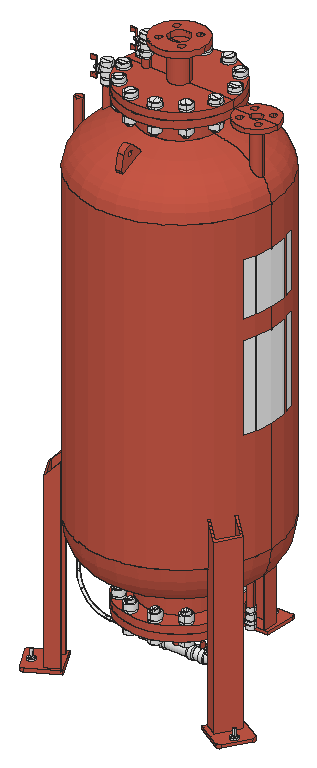
Revit family "YVPT-S240-14K(設計震度1G以下)", category スプリンクラ, Revit 2018
Family settings
  注釈の向きを維持 = いいえ
  丸型コネクタ寸法 = 直径を使用
  パーツ タイプ = 標準
  OmniClass 番号 = 23.65.70.17.21
  OmniClass タイトル = Foam Fire Fighting Terminals
  作業面ベース = いいえ
  常に垂直 = はい
  ロード時にボイドで切り取り = いいえ
  共有 = いいえ
  部屋計算ポイント = いいえ
Parameters
  運転質量 = 0.00 kg
  質量 = 0.00 kg
  設置方法 = ""
  記号 [instance] = ""
  製品質量 = 255.00 kg
  製品出荷対象 = ""
  製品リリース年月 = ""
  製品グループ = ""
  系統 [instance] = ""
  符号 = ""
  積算_科目 = "9 消火設備"
  積算_拾い区分 [instance] = ""
  特殊仕様 [instance] = ""
  法定耐用年数 = ""
  機械基礎質量 [instance] = 0.00 kg
  機械基礎_W = 0 mm
  機械基礎_H = 0 mm
  機械基礎_D = 0 mm
  材質 [instance] = ""
  最高使用圧力 = 0.0 Pa
  形式 = ""
  容量 = 268.0 L
  呼称 = "YVPT-S240-14K"
  吐出量 [instance] = 0.0 L/s
  吐出口径 [instance] = 60.5 mm
  参照している仕様書等のバージョン = ""
  分類コード = "50903001800000"
  分類グループ = ""
  入口径 [instance] = 34 mm
  企業コード = "580077214"
  付属品 [instance] = ""
  仕様書バージョン = "Version1.0"
  コメント [instance] = ""
  Width = 0 mm
  Version = ""
  Uniclass2015Version = "Systems v1.9"
  Uniclass2015Title = "Foam fire fighting tanks"
  Uniclass2015Code = "Pr_60_50_67_31"
  URL = "https://www.yamatoprotec.co.jp/"
  SpecificationReference = ""
  SpecificationDescription = ""
  Revision = ""
  ProductInformation = "https://www.yamatoprotec.co.jp/products/syokasetsubi/proportioner/"
  Product data url = ""
  OmniClassCode = "23-29 33 13 21"
  Model = "YVPT-S240-14K"
  製造元 = "ヤマトプロテック株式会社"
  キーノート = "13955"
  IfcTypeProduct = ""
  IfcProduct = ""
  IfcExportType = "SPRINKLER"
  IfcExportAs = "IfcFireSuppressionTerminalType"
  Height = 0 mm
  Description = "YVPT-S240-14K"
  Depth = 0 mm
  Clearance Top = 0 mm
  Clearance Right = 0 mm
  Clearance Left = 0 mm
  Clearance Front = 0 mm
  Clearance Back = 0 mm
  Author = "BIMobject"
  アセンブリ コード = "D4090200"
Reference planes
  plane 1 "中心(正面/背面)": y = 0
  plane 2: z = 0
  plane 3 "中心(左/右)": x = 0
  plane 4: x = 235
Forms (mm)
  Revolve 1, solid, material "Yamato Protec - Paint Red"
    sketch origin (0, 0, 0) x (1, 0, 0) y (0, 0, 1)
      loop
        line (0, 1509.038) -> (0, 279.296) -> (79.764, 279.296)
        spline (79.764, 279.296) -> (110.792, 285.55) -> (134.066, 291.563) -> (152.622, 297.241) -> (168.332, 302.624) -> (182.238, 307.845) -> (195.373, 313.178) -> (208.814, 319.48) -> (223.646, 327.77) -> (240.575, 339.426) -> (257.73, 358.234) -> (272.183, 388.973) -> (281, 436.428)
        line (281, 436.428) -> (281, 1376.484)
        spline (281, 1376.484) -> (274.531, 1406.417) -> (263.292, 1426.981) -> (252.103, 1440.386) -> (243.756, 1448.796) -> (237.281, 1454.297) -> (231.242, 1458.861) -> (223.841, 1463.794) -> (213.144, 1470.152) -> (197.335, 1478.718) -> (175.222, 1488.823) -> (145.821, 1499.314) -> (108.15, 1509.038)
        line (108.15, 1509.038) -> (0, 1509.038)
      axis (0, 1509.038) -> (0, 279.296)
    angle from 0 to 360
  Extrusion 2, solid, material "Yamato Protec - Paint Red"
    sketch origin (0, 0, 0) x (1, 0, 0) y (0, 1, 0)
      loop
        line (-346.556, -153.968) -> (-306.556, -223.25)
        arc (-306.556, -223.25) -> (-300.484, -227.91) -> (-292.896, -226.911) r 10
        line (-292.896, -226.911) -> (-210.624, -179.411) -> (-260.624, -92.808) -> (-342.896, -140.308)
        arc (-342.896, -140.308) -> (-347.555, -146.38) -> (-346.556, -153.968) r 10
      loop
        line (39.938, 377.111) -> (-40.023, 377.111)
        arc (-40.023, 377.111) -> (-47.119, 374.196) -> (-50.062, 367.111) r 10
        line (-50.062, 367.111) -> (-50.062, 272.111) -> (49.938, 272.111) -> (49.938, 367.111)
        arc (49.938, 367.111) -> (47.009, 374.182) -> (39.938, 377.111) r 10
      loop
        arc (292.958, -226.803) -> (300.547, -227.802) -> (306.619, -223.142) r 10
        line (306.619, -223.142) -> (346.619, -153.86)
        arc (346.619, -153.86) -> (347.618, -146.272) -> (342.959, -140.2) r 10
        line (342.959, -140.2) -> (260.686, -92.7) -> (210.686, -179.303) -> (292.958, -226.803)
    from 0 to 9
  Extrusion 3, solid, material "Yamato Protec - Paint Red"
    sketch origin (0, 0, 0) x (1, 0, 0) y (0, 1, 0)
      loop
        arc (-222.388, -171.769) -> (-223.919, -169.768) -> (-225.432, -167.753) r 281
        line (-225.432, -167.753) -> (-255.747, -185.255) -> (-288.247, -128.964) -> (-257.945, -111.469)
        arc (-257.945, -111.469) -> (-258.934, -109.152) -> (-259.902, -106.826) r 281
        line (-259.902, -106.826) -> (-295.077, -127.134) -> (-257.577, -192.085) -> (-222.388, -171.769)
      loop
        line (37.438, 278.495) -> (37.438, 319.111) -> (-37.562, 319.111) -> (-37.562, 278.478)
        arc (-37.562, 278.478) -> (-35.064, 278.804) -> (-32.562, 279.107) r 281
        line (-32.562, 279.107) -> (-32.562, 314.111) -> (32.438, 314.111) -> (32.438, 279.121)
        arc (32.438, 279.121) -> (34.939, 278.819) -> (37.438, 278.495) r 281
      loop
        arc (259.95, -106.709) -> (258.983, -109.036) -> (257.995, -111.354) r 281
        line (257.995, -111.354) -> (288.309, -128.856) -> (255.809, -185.147) -> (225.508, -167.652)
        arc (225.508, -167.652) -> (223.995, -169.668) -> (222.465, -171.669) r 281
        line (222.465, -171.669) -> (257.639, -191.977) -> (295.139, -127.025) -> (259.95, -106.709)
    from 0 to 570
  Extrusion 4, void
    sketch origin (0, 0, 0) x (0, 1, 0) y (0, 0, 1)
      loop
        line (278.111, 570) -> (319.111, 529) -> (319.111, 570) -> (278.111, 570)
    from -40.062 to 39.938
  Extrusion 5, void
    sketch origin (0, 0, 0) x (-0.866025, -0.5, 0) y (0, 0, 1)
      loop
        line (278.111, 570) -> (319.111, 529) -> (319.111, 570) -> (278.111, 570)
    from -40.062 to 39.938
  Extrusion 6, void
    sketch origin (0, 0, 0) x (0.866025, -0.5, 0) y (0, 0, 1)
      loop
        line (278.111, 570) -> (319.111, 529) -> (319.111, 570) -> (278.111, 570)
    from -40.062 to 39.938
  Revolve 7, solid, material "Yamato Protec - Paint Red"
    sketch origin (0, 0, 0) x (1, 0, 0) y (0, 0, 1)
      loop
        line (-30.25, 1716.968) -> (-30.25, 1617.968) -> (-165, 1617.968) -> (-165, 1596.468) -> (-108.15, 1596.468) -> (-108.15, 1595.468) -> (-165, 1595.468) -> (-165, 1573.968) -> (-108.15, 1573.968) -> (-108.15, 1509.038) -> (0, 1509.038) -> (0, 1716.968) -> (-30.25, 1716.968)
      axis (0, 1716.968) -> (0, 1509.038)
    angle from 0 to 360
  Extrusion 8, solid, material "Yamato Protec - Paint Red"
    sketch origin (0, 0, 0) x (0, 1, 0) y (0, 0, 1)
      loop
        line (-230.454, 1467.317) -> (-226.705, 1460.25) -> (-159.675, 1491.275) -> (-165.298, 1501.876) -> (-184.753, 1520.376)
        arc (-184.753, 1520.376) -> (-206.559, 1525.473) -> (-221.646, 1508.924) r 22.126
        line (-221.646, 1508.924) -> (-230.454, 1467.317)
      loop
        circle (-200, 1504.341) r 8.482
      loop
        line (230.454, 1467.317) -> (221.646, 1508.924)
        arc (221.646, 1508.924) -> (206.559, 1525.473) -> (184.753, 1520.376) r 22.126
        line (184.753, 1520.376) -> (165.298, 1501.876) -> (159.675, 1491.275) -> (226.705, 1460.25) -> (230.454, 1467.317)
      loop
        circle (200, 1504.341) r 8.482
    from -9.5 to 9.5
  Revolve 9, solid, material "Yamato Protec - Paint Red"
    sketch origin (0, 0, 0) x (1, 0, 0) y (0, 0, 1)
      loop
        line (252, 1438.968) -> (252, 1583.968) -> (297.5, 1583.968) -> (297.5, 1595.968) -> (235, 1595.968) -> (235, 1438.968) -> (252, 1438.968)
      axis (235, 1595.968) -> (235, 1438.968)
    angle from 0 to 360
  Revolve 10, solid, material "Yamato Protec - Aluminum"
    sketch origin (0, 0, 0) x (1, 0, 0) y (0, 0, 1)
      loop
        line (-235.5, 1578.423) -> (-236.5, 1578.423) -> (-236.5, 1567.423) -> (-235, 1567.423) -> (-235, 1551.423) -> (-234, 1551.423) -> (-234, 1543.823) -> (-235.5, 1543.423) -> (-235.5, 1532.423) -> (-230.552, 1531.104) -> (-230.85, 1525.423) -> (-220, 1525.423) -> (-220, 1591.423) -> (-235.5, 1591.423) -> (-235.5, 1578.423)
      axis (-220, 1591.423) -> (-220, 1525.423)
    angle from 0 to 360
  Revolve 11, solid, material "Yamato Protec - Aluminum"
    sketch origin (0, 0, 0) x (1, 0, 0) y (0, 0, 1)
      loop
        line (-258, 1561.423) -> (-220, 1561.423) -> (-220, 1571.423) -> (-236.5, 1571.423)
        arc (-236.5, 1571.423) -> (-236.939, 1570.363) -> (-238, 1569.923) r 1.5
        line (-238, 1569.923) -> (-242, 1569.923) -> (-242, 1572.923) -> (-245, 1572.923) -> (-245, 1567.423) -> (-246.5, 1567.423) -> (-246.5, 1566.423) -> (-249.1, 1566.423) -> (-249.5, 1565.423) -> (-249.5, 1563.923) -> (-258, 1563.923) -> (-258, 1561.423)
      axis (-258, 1561.423) -> (-220, 1561.423)
    angle from 0 to 360
  Revolve 12, solid, material "Yamato Protec - Aluminum"
    sketch origin (0, 0, 0) x (1, 0, 0) y (0, 0, 1)
      loop
        arc (-115.5, 1695.968) -> (-116.207, 1695.676) -> (-116.5, 1694.968) r 1
        line (-116.5, 1694.968) -> (-116.5, 1685.968)
        arc (-116.5, 1685.968) -> (-116, 1685.102) -> (-115, 1685.102) r 1
        line (-115, 1685.102) -> (-115, 1668.968) -> (-114, 1668.968) -> (-114, 1661.368) -> (-115.5, 1660.968) -> (-115.5, 1649.968) -> (-110.552, 1648.649) -> (-110.85, 1642.968) -> (-100, 1642.968) -> (-100, 1708.968) -> (-115.5, 1708.968) -> (-115.5, 1695.968)
      axis (-100, 1708.968) -> (-100, 1642.968)
    angle from 0 to 360
  Revolve 13, solid, material "Yamato Protec - Aluminum"
    sketch origin (0, 0, 0) x (1, 0, 0) y (0, 0, 1)
      loop
        line (-138, 1678.968) -> (-100, 1678.968) -> (-100, 1688.968) -> (-116.5, 1688.968)
        arc (-116.5, 1688.968) -> (-116.939, 1687.908) -> (-118, 1687.468) r 1.5
        line (-118, 1687.468) -> (-122, 1687.468) -> (-122, 1690.468) -> (-125, 1690.468) -> (-125, 1684.968) -> (-126.5, 1684.968) -> (-126.5, 1683.968) -> (-129.1, 1683.968) -> (-129.5, 1682.968) -> (-129.5, 1681.468) -> (-138, 1681.468) -> (-138, 1678.968)
      axis (-138, 1678.968) -> (-100, 1678.968)
    angle from 0 to 360
  Revolve 14, solid, material "Yamato Protec - Paint Red"
    sketch origin (0, 0, 0) x (1, 0, 0) y (0, 0, 1)
      loop
        line (-108.15, 219.071) -> (-165, 219.071) -> (-165, 197.571) -> (-108.15, 197.571) -> (-108.15, 196.571) -> (-165, 196.571) -> (-165, 175.071) -> (-13.6, 175.071) -> (-13.6, 104.071) -> (-16.5, 104.071) -> (-16.5, 84.071) -> (0, 84.071) -> (0, 289.071) -> (-108.15, 289.071) -> (-108.15, 219.071)
      axis (0, 289.071) -> (0, 84.071)
    angle from 0 to 360
  Revolve 15, solid, material "Yamato Protec - Aluminum"
    sketch origin (0, 0, 0) x (1, 0, 0) y (0, 0, 1)
      loop
        line (-137.5, 72.071) -> (139, 72.071) -> (139, 80.571) -> (128, 80.571) -> (128, 85.525) -> (122.902, 85.365) -> (122, 88.071) -> (108, 88.071) -> (107.667, 87.071) -> (100, 87.071)
        arc (100, 87.071) -> (99.707, 87.778) -> (99, 88.071) r 1
        line (99, 88.071) -> (83, 88.071) -> (83, 89.071)
        arc (83, 89.071) -> (82.707, 89.778) -> (82, 90.071) r 1
        line (82, 90.071) -> (70, 90.071) -> (70, 89.071) -> (55, 89.071) -> (55, 85.368) -> (49, 85.556) -> (49, 90.546) -> (38, 90.546) -> (38, 85.556) -> (32, 85.368) -> (32, 88.571) -> (-32, 88.571) -> (-32, 85.368) -> (-38, 85.556) -> (-38, 90.546) -> (-49, 90.546) -> (-49, 82.793) -> (-54, 82.637) -> (-54, 87.571) -> (-67, 87.571)
        arc (-67, 87.571) -> (-67.293, 88.278) -> (-68, 88.571) r 1
        line (-68, 88.571) -> (-77, 88.571)
        arc (-77, 88.571) -> (-77.866, 88.071) -> (-77.866, 87.071) r 1
        line (-77.866, 87.071) -> (-94, 87.071) -> (-94, 86.071) -> (-101.6, 86.071) -> (-102, 87.571) -> (-113, 87.571) -> (-114, 83.821) -> (-114, 81.103) -> (-121, 81.597) -> (-121.8, 83.071) -> (-130.2, 83.071) -> (-131, 81.597) -> (-131, 79.071) -> (-134, 79.071) -> (-134, 78.071) -> (-135, 78.071) -> (-135, 80.071) -> (-137.5, 80.071) -> (-137.5, 72.071)
      axis (-137.5, 72.071) -> (139, 72.071)
    angle from 0 to 360
  Revolve 16, solid, material "Yamato Protec - Aluminum"
    sketch origin (0, 0, 0) x (1, 0, 0) y (0, 0, 1)
      loop
        line (-86.5, 101.571) -> (-88, 101.571) -> (-89, 101.171) -> (-89, 98.971) -> (-88, 98.571) -> (-90, 98.571) -> (-90, 97.071) -> (-95.5, 97.071) -> (-95.5, 94.071) -> (-92.5, 94.071) -> (-92.5, 88.571)
        arc (-92.5, 88.571) -> (-92.939, 87.51) -> (-94, 87.071) r 1.5
        line (-94, 87.071) -> (-94, 72.071) -> (-84, 72.071) -> (-84, 110.071) -> (-86.5, 110.071) -> (-86.5, 101.571)
      axis (-84, 110.071) -> (-84, 72.071)
    angle from 0 to 360
  Revolve 17, solid, material "Yamato Protec - Aluminum"
    sketch origin (0, 0, 0) x (1, 0, 0) y (0, 0, 1)
      loop
        line (86, 118.071) -> (86, 107.571) -> (84, 107.571) -> (84, 104.571) -> (83, 104.571) -> (83, 103.071) -> (77.5, 103.071) -> (77.5, 101.071) -> (81.5, 101.071) -> (81.5, 92.071)
        arc (81.5, 92.071) -> (80.914, 90.656) -> (79.5, 90.071) r 2
        line (79.5, 90.071) -> (79.5, 72.071) -> (89, 72.071) -> (89, 118.071) -> (86, 118.071)
      axis (89, 118.071) -> (89, 72.071)
    angle from 0 to 360
  Sweep 18, solid, material "Yamato Protec - Clear-Gray"
    path origin (0, 0, 0) x (1, 0, 0) y (0, 0, 1)
      loop
        line (-306, 825.284) -> (-306, 172.071)
        arc (-306, 172.071) -> (-303.243, 148.749) -> (-295.122, 126.714) r 100
        arc (-295.122, 126.714) -> (-265.345, 91.584) -> (-222.981, 73.523) r 100
        arc (-222.981, 73.523) -> (-214.522, 72.434) -> (-206, 72.071) r 100
        line (-206, 72.071) -> (-137.5, 72.071)
    profile origin (-171.75, 0, 72.071) x (0, 0, 1) y (0, -1, 0)
      loop
        circle (0, 0) r 5
  Revolve 19, solid, material "Yamato Protec - Aluminum"
    sketch origin (0, 0, 0) x (1, 0, 0) y (0, 0, 1)
      loop
        line (-312.5, 867.684) -> (-314, 867.684) -> (-314, 865.184) -> (-312, 865.184) -> (-312, 864.183) -> (-313, 864.183) -> (-313, 861.183) -> (-314, 861.183) -> (-316, 859.183) -> (-316, 852.984) -> (-318, 852.984) -> (-319.75, 851.973) -> (-319.75, 848.994) -> (-318, 847.984) -> (-326, 847.984) -> (-326, 844.984) -> (-318, 844.984) -> (-319.75, 843.973) -> (-319.75, 840.994) -> (-318, 839.984) -> (-316, 839.984) -> (-316, 833.784) -> (-314, 831.784) -> (-313, 831.784) -> (-313, 828.784) -> (-312, 828.784) -> (-312, 827.784) -> (-314, 827.784) -> (-314, 825.284) -> (-306, 825.284) -> (-306, 872.484) -> (-312.5, 872.484) -> (-312.5, 867.684)
      axis (-306, 825.284) -> (-306, 872.484)
    angle from 0 to 360
  Revolve 20, solid, material "Yamato Protec - Paint Red"
    sketch origin (0, 0, 0) x (1, 0, 0) y (0, 0, 1)
      loop
        line (-318, 872.484) -> (-306, 872.484) -> (-306, 1462.484) -> (-318, 1462.484) -> (-318, 872.484)
      axis (-306, 1462.484) -> (-306, 872.484)
    angle from 0 to 360
  Revolve 21, solid, material "Yamato Protec - Paint Red"
    sketch origin (0, 0, 0) x (1, 0, 0) y (0, 0, 1)
      loop
        line (-281, 1213.484) -> (-281, 1225.984) -> (-296.1, 1225.984) -> (-296.1, 1213.484) -> (-281, 1213.484)
      axis (-296.1, 1213.484) -> (-281, 1213.484)
    angle from 0 to 360
  Revolve 22, solid, material "Yamato Protec - Aluminum"
    sketch origin (0, 0, 0) x (0.707107, 0.707107, 0) y (0, 0, 1)
      loop
        line (136.534, 1541.968) -> (145, 1541.968) -> (145, 1574.468) -> (128.1, 1574.468) -> (128.1, 1569.368) -> (130, 1569.368) -> (127.675, 1568.026) -> (127.675, 1551.711) -> (130, 1550.368) -> (135, 1550.368) -> (135, 1543.502) -> (136.534, 1541.968)
      loop
        line (145, 1634.468) -> (130, 1634.468) -> (127.675, 1633.126) -> (127.675, 1622.768) -> (130.905, 1622.768) -> (130.905, 1621.968) -> (126.5, 1621.968) -> (126.5, 1618.468) -> (145, 1618.468) -> (145, 1634.468)
      axis (145, 1634.468) -> (145, 1541.968)
    angle from 0 to 360
  Revolve 23, solid, material "Yamato Protec - Aluminum"
    sketch origin (0, 0, 0) x (0.258819, 0.965926, 0) y (0, 0, 1)
      loop
        line (136.534, 1541.968) -> (145, 1541.968) -> (145, 1574.468) -> (128.1, 1574.468) -> (128.1, 1569.368) -> (130, 1569.368) -> (127.675, 1568.026) -> (127.675, 1551.711) -> (130, 1550.368) -> (135, 1550.368) -> (135, 1543.502) -> (136.534, 1541.968)
      loop
        line (145, 1634.468) -> (130, 1634.468) -> (127.675, 1633.126) -> (127.675, 1622.768) -> (130.905, 1622.768) -> (130.905, 1621.968) -> (126.5, 1621.968) -> (126.5, 1618.468) -> (145, 1618.468) -> (145, 1634.468)
      axis (145, 1634.468) -> (145, 1541.968)
    angle from 0 to 360
  Revolve 24, solid, material "Yamato Protec - Aluminum"
    sketch origin (0, 0, 0) x (0.965926, 0.258819, 0) y (0, 0, 1)
      loop
        line (136.534, 1541.968) -> (145, 1541.968) -> (145, 1574.468) -> (128.1, 1574.468) -> (128.1, 1569.368) -> (130, 1569.368) -> (127.675, 1568.026) -> (127.675, 1551.711) -> (130, 1550.368) -> (135, 1550.368) -> (135, 1543.502) -> (136.534, 1541.968)
      loop
        line (145, 1634.468) -> (130, 1634.468) -> (127.675, 1633.126) -> (127.675, 1622.768) -> (130.905, 1622.768) -> (130.905, 1621.968) -> (126.5, 1621.968) -> (126.5, 1618.468) -> (145, 1618.468) -> (145, 1634.468)
      axis (145, 1634.468) -> (145, 1541.968)
    angle from 0 to 360
  Revolve 25, solid, material "Yamato Protec - Aluminum"
    sketch origin (0, 0, 0) x (0.965926, -0.258819, 0) y (0, 0, 1)
      loop
        line (136.534, 1541.968) -> (145, 1541.968) -> (145, 1574.468) -> (128.1, 1574.468) -> (128.1, 1569.368) -> (130, 1569.368) -> (127.675, 1568.026) -> (127.675, 1551.711) -> (130, 1550.368) -> (135, 1550.368) -> (135, 1543.502) -> (136.534, 1541.968)
      loop
        line (145, 1634.468) -> (130, 1634.468) -> (127.675, 1633.126) -> (127.675, 1622.768) -> (130.905, 1622.768) -> (130.905, 1621.968) -> (126.5, 1621.968) -> (126.5, 1618.468) -> (145, 1618.468) -> (145, 1634.468)
      axis (145, 1634.468) -> (145, 1541.968)
    angle from 0 to 360
  Revolve 26, solid, material "Yamato Protec - Aluminum"
    sketch origin (0, 0, 0) x (0.707107, -0.707107, 0) y (0, 0, 1)
      loop
        line (136.534, 1541.968) -> (145, 1541.968) -> (145, 1574.468) -> (128.1, 1574.468) -> (128.1, 1569.368) -> (130, 1569.368) -> (127.675, 1568.026) -> (127.675, 1551.711) -> (130, 1550.368) -> (135, 1550.368) -> (135, 1543.502) -> (136.534, 1541.968)
      loop
        line (145, 1634.468) -> (130, 1634.468) -> (127.675, 1633.126) -> (127.675, 1622.768) -> (130.905, 1622.768) -> (130.905, 1621.968) -> (126.5, 1621.968) -> (126.5, 1618.468) -> (145, 1618.468) -> (145, 1634.468)
      axis (145, 1634.468) -> (145, 1541.968)
    angle from 0 to 360
  Revolve 27, solid, material "Yamato Protec - Aluminum"
    sketch origin (0, 0, 0) x (0.258819, -0.965926, 0) y (0, 0, 1)
      loop
        line (136.534, 1541.968) -> (145, 1541.968) -> (145, 1574.468) -> (128.1, 1574.468) -> (128.1, 1569.368) -> (130, 1569.368) -> (127.675, 1568.026) -> (127.675, 1551.711) -> (130, 1550.368) -> (135, 1550.368) -> (135, 1543.502) -> (136.534, 1541.968)
      loop
        line (145, 1634.468) -> (130, 1634.468) -> (127.675, 1633.126) -> (127.675, 1622.768) -> (130.905, 1622.768) -> (130.905, 1621.968) -> (126.5, 1621.968) -> (126.5, 1618.468) -> (145, 1618.468) -> (145, 1634.468)
      axis (145, 1634.468) -> (145, 1541.968)
    angle from 0 to 360
  Revolve 28, solid, material "Yamato Protec - Aluminum"
    sketch origin (0, 0, 0) x (-0.258819, -0.965926, 0) y (0, 0, 1)
      loop
        line (136.534, 1541.968) -> (145, 1541.968) -> (145, 1574.468) -> (128.1, 1574.468) -> (128.1, 1569.368) -> (130, 1569.368) -> (127.675, 1568.026) -> (127.675, 1551.711) -> (130, 1550.368) -> (135, 1550.368) -> (135, 1543.502) -> (136.534, 1541.968)
      loop
        line (145, 1634.468) -> (130, 1634.468) -> (127.675, 1633.126) -> (127.675, 1622.768) -> (130.905, 1622.768) -> (130.905, 1621.968) -> (126.5, 1621.968) -> (126.5, 1618.468) -> (145, 1618.468) -> (145, 1634.468)
      axis (145, 1634.468) -> (145, 1541.968)
    angle from 0 to 360
  Revolve 29, solid, material "Yamato Protec - Aluminum"
    sketch origin (0, 0, 0) x (-0.707107, -0.707107, 0) y (0, 0, 1)
      loop
        line (136.534, 1541.968) -> (145, 1541.968) -> (145, 1574.468) -> (128.1, 1574.468) -> (128.1, 1569.368) -> (130, 1569.368) -> (127.675, 1568.026) -> (127.675, 1551.711) -> (130, 1550.368) -> (135, 1550.368) -> (135, 1543.502) -> (136.534, 1541.968)
      loop
        line (145, 1634.468) -> (130, 1634.468) -> (127.675, 1633.126) -> (127.675, 1622.768) -> (130.905, 1622.768) -> (130.905, 1621.968) -> (126.5, 1621.968) -> (126.5, 1618.468) -> (145, 1618.468) -> (145, 1634.468)
      axis (145, 1634.468) -> (145, 1541.968)
    angle from 0 to 360
  Revolve 30, solid, material "Yamato Protec - Aluminum"
    sketch origin (0, 0, 0) x (-0.965926, -0.258819, 0) y (0, 0, 1)
      loop
        line (136.534, 1541.968) -> (145, 1541.968) -> (145, 1574.468) -> (128.1, 1574.468) -> (128.1, 1569.368) -> (130, 1569.368) -> (127.675, 1568.026) -> (127.675, 1551.711) -> (130, 1550.368) -> (135, 1550.368) -> (135, 1543.502) -> (136.534, 1541.968)
      loop
        line (145, 1634.468) -> (130, 1634.468) -> (127.675, 1633.126) -> (127.675, 1622.768) -> (130.905, 1622.768) -> (130.905, 1621.968) -> (126.5, 1621.968) -> (126.5, 1618.468) -> (145, 1618.468) -> (145, 1634.468)
      axis (145, 1634.468) -> (145, 1541.968)
    angle from 0 to 360
  Revolve 31, solid, material "Yamato Protec - Aluminum"
    sketch origin (0, 0, 0) x (-0.965926, 0.258819, 0) y (0, 0, 1)
      loop
        line (136.534, 1541.968) -> (145, 1541.968) -> (145, 1574.468) -> (128.1, 1574.468) -> (128.1, 1569.368) -> (130, 1569.368) -> (127.675, 1568.026) -> (127.675, 1551.711) -> (130, 1550.368) -> (135, 1550.368) -> (135, 1543.502) -> (136.534, 1541.968)
      loop
        line (145, 1634.468) -> (130, 1634.468) -> (127.675, 1633.126) -> (127.675, 1622.768) -> (130.905, 1622.768) -> (130.905, 1621.968) -> (126.5, 1621.968) -> (126.5, 1618.468) -> (145, 1618.468) -> (145, 1634.468)
      axis (145, 1634.468) -> (145, 1541.968)
    angle from 0 to 360
  Revolve 32, solid, material "Yamato Protec - Aluminum"
    sketch origin (0, 0, 0) x (-0.707107, 0.707107, 0) y (0, 0, 1)
      loop
        line (136.534, 1541.968) -> (145, 1541.968) -> (145, 1574.468) -> (128.1, 1574.468) -> (128.1, 1569.368) -> (130, 1569.368) -> (127.675, 1568.026) -> (127.675, 1551.711) -> (130, 1550.368) -> (135, 1550.368) -> (135, 1543.502) -> (136.534, 1541.968)
      loop
        line (145, 1634.468) -> (130, 1634.468) -> (127.675, 1633.126) -> (127.675, 1622.768) -> (130.905, 1622.768) -> (130.905, 1621.968) -> (126.5, 1621.968) -> (126.5, 1618.468) -> (145, 1618.468) -> (145, 1634.468)
      axis (145, 1634.468) -> (145, 1541.968)
    angle from 0 to 360
  Revolve 33, solid, material "Yamato Protec - Aluminum"
    sketch origin (0, 0, 0) x (-0.258819, 0.965926, 0) y (0, 0, 1)
      loop
        line (136.534, 1541.968) -> (145, 1541.968) -> (145, 1574.468) -> (128.1, 1574.468) -> (128.1, 1569.368) -> (130, 1569.368) -> (127.675, 1568.026) -> (127.675, 1551.711) -> (130, 1550.368) -> (135, 1550.368) -> (135, 1543.502) -> (136.534, 1541.968)
      loop
        line (145, 1634.468) -> (130, 1634.468) -> (127.675, 1633.126) -> (127.675, 1622.768) -> (130.905, 1622.768) -> (130.905, 1621.968) -> (126.5, 1621.968) -> (126.5, 1618.468) -> (145, 1618.468) -> (145, 1634.468)
      axis (145, 1634.468) -> (145, 1541.968)
    angle from 0 to 360
  Revolve 34, solid, material "Yamato Protec - Paint Red"
    sketch origin (0, 0, 0) x (1, 0, 0) y (0, 0, 1)
      loop
        line (206.336, 328.103) -> (206.475, 258.103) -> (216.336, 258.103) -> (216.336, 328.103) -> (206.336, 328.103)
      axis (216.336, 328.103) -> (216.336, 258.103)
    angle from 0 to 360
  Revolve 35, solid
    sketch origin (0, 0, 0) x (0.965926, 0.258819, 0) y (0, 0, 1)
      loop
        line (153.466, 251.571) -> (145, 251.571) -> (145, 219.071) -> (161.9, 219.071) -> (161.9, 224.171) -> (160, 224.171) -> (162.325, 225.513) -> (162.325, 241.828) -> (160, 243.171) -> (155, 243.171) -> (155, 250.037) -> (153.466, 251.571)
      loop
        line (145, 175.071) -> (145, 159.071) -> (160, 159.071) -> (162.325, 160.413) -> (162.325, 170.771) -> (159.095, 170.771) -> (159.095, 175.071) -> (145, 175.071)
      axis (145, 251.571) -> (145, 159.071)
    angle from 0 to 360
  Revolve 36, solid, material "Yamato Protec - Aluminum"
    sketch origin (-4.983, 37.687, 0) x (1, 0, 0) y (0, 0, 1)
      loop
        line (153.466, 251.571) -> (145, 251.571) -> (145, 219.071) -> (161.9, 219.071) -> (161.9, 224.171) -> (160, 224.171) -> (162.325, 225.513) -> (162.325, 241.828) -> (160, 243.171) -> (155, 243.171) -> (155, 250.037) -> (153.466, 251.571)
      loop
        line (145, 175.071) -> (145, 159.071) -> (160, 159.071) -> (162.325, 160.413) -> (162.325, 170.771) -> (159.095, 170.771) -> (159.095, 175.071) -> (145, 175.071)
      axis (145, 251.571) -> (145, 159.071)
    angle from 0 to 360
  Revolve 37, solid, material "Yamato Protec - Aluminum"
    sketch origin (-23.159, 30.146, 0) x (0.866025, 0.5, 0) y (0, 0, 1)
      loop
        line (153.466, 251.571) -> (145, 251.571) -> (145, 219.071) -> (161.9, 219.071) -> (161.9, 224.171) -> (160, 224.171) -> (162.325, 225.513) -> (162.325, 241.828) -> (160, 243.171) -> (155, 243.171) -> (155, 250.037) -> (153.466, 251.571)
      loop
        line (145, 175.071) -> (145, 159.071) -> (160, 159.071) -> (162.325, 160.413) -> (162.325, 170.771) -> (159.095, 170.771) -> (159.095, 175.071) -> (145, 175.071)
      axis (145, 251.571) -> (145, 159.071)
    angle from 0 to 360
  Revolve 38, solid, material "Yamato Protec - Aluminum"
    sketch origin (14.528, 35.129, 0) x (0.866025, -0.5, 0) y (0, 0, 1)
      loop
        line (153.466, 251.571) -> (145, 251.571) -> (145, 219.071) -> (161.9, 219.071) -> (161.9, 224.171) -> (160, 224.171) -> (162.325, 225.513) -> (162.325, 241.828) -> (160, 243.171) -> (155, 243.171) -> (155, 250.037) -> (153.466, 251.571)
      loop
        line (145, 175.071) -> (145, 159.071) -> (160, 159.071) -> (162.325, 160.413) -> (162.325, 170.771) -> (159.095, 170.771) -> (159.095, 175.071) -> (145, 175.071)
      axis (145, 251.571) -> (145, 159.071)
    angle from 0 to 360
  Revolve 39, solid, material "Yamato Protec - Aluminum"
    sketch origin (30.146, 23.159, 0) x (0.5, -0.866025, 0) y (0, 0, 1)
      loop
        line (153.466, 251.571) -> (145, 251.571) -> (145, 219.071) -> (161.9, 219.071) -> (161.9, 224.171) -> (160, 224.171) -> (162.325, 225.513) -> (162.325, 241.828) -> (160, 243.171) -> (155, 243.171) -> (155, 250.037) -> (153.466, 251.571)
      loop
        line (145, 175.071) -> (145, 159.071) -> (160, 159.071) -> (162.325, 160.413) -> (162.325, 170.771) -> (159.095, 170.771) -> (159.095, 175.071) -> (145, 175.071)
      axis (145, 251.571) -> (145, 159.071)
    angle from 0 to 360
  Revolve 40, solid, material "Yamato Protec - Aluminum"
    sketch origin (37.687, 4.983, 0) x (0, -1, 0) y (0, 0, 1)
      loop
        line (153.466, 251.571) -> (145, 251.571) -> (145, 219.071) -> (161.9, 219.071) -> (161.9, 224.171) -> (160, 224.171) -> (162.325, 225.513) -> (162.325, 241.828) -> (160, 243.171) -> (155, 243.171) -> (155, 250.037) -> (153.466, 251.571)
      loop
        line (145, 175.071) -> (145, 159.071) -> (160, 159.071) -> (162.325, 160.413) -> (162.325, 170.771) -> (159.095, 170.771) -> (159.095, 175.071) -> (145, 175.071)
      axis (145, 251.571) -> (145, 159.071)
    angle from 0 to 360
  Revolve 41, solid, material "Yamato Protec - Aluminum"
    sketch origin (35.129, -14.528, 0) x (-0.5, -0.866025, 0) y (0, 0, 1)
      loop
        line (153.466, 251.571) -> (145, 251.571) -> (145, 219.071) -> (161.9, 219.071) -> (161.9, 224.171) -> (160, 224.171) -> (162.325, 225.513) -> (162.325, 241.828) -> (160, 243.171) -> (155, 243.171) -> (155, 250.037) -> (153.466, 251.571)
      loop
        line (145, 175.071) -> (145, 159.071) -> (160, 159.071) -> (162.325, 160.413) -> (162.325, 170.771) -> (159.095, 170.771) -> (159.095, 175.071) -> (145, 175.071)
      axis (145, 251.571) -> (145, 159.071)
    angle from 0 to 360
  Revolve 42, solid, material "Yamato Protec - Aluminum"
    sketch origin (23.159, -30.146, 0) x (-0.866025, -0.5, 0) y (0, 0, 1)
      loop
        line (153.466, 251.571) -> (145, 251.571) -> (145, 219.071) -> (161.9, 219.071) -> (161.9, 224.171) -> (160, 224.171) -> (162.325, 225.513) -> (162.325, 241.828) -> (160, 243.171) -> (155, 243.171) -> (155, 250.037) -> (153.466, 251.571)
      loop
        line (145, 175.071) -> (145, 159.071) -> (160, 159.071) -> (162.325, 160.413) -> (162.325, 170.771) -> (159.095, 170.771) -> (159.095, 175.071) -> (145, 175.071)
      axis (145, 251.571) -> (145, 159.071)
    angle from 0 to 360
  Revolve 43, solid, material "Yamato Protec - Aluminum"
    sketch origin (4.983, -37.687, 0) x (-1, 0, 0) y (0, 0, 1)
      loop
        line (153.466, 251.571) -> (145, 251.571) -> (145, 219.071) -> (161.9, 219.071) -> (161.9, 224.171) -> (160, 224.171) -> (162.325, 225.513) -> (162.325, 241.828) -> (160, 243.171) -> (155, 243.171) -> (155, 250.037) -> (153.466, 251.571)
      loop
        line (145, 175.071) -> (145, 159.071) -> (160, 159.071) -> (162.325, 160.413) -> (162.325, 170.771) -> (159.095, 170.771) -> (159.095, 175.071) -> (145, 175.071)
      axis (145, 251.571) -> (145, 159.071)
    angle from 0 to 360
  Revolve 44, solid, material "Yamato Protec - Aluminum"
    sketch origin (-14.528, -35.129, 0) x (-0.866025, 0.5, 0) y (0, 0, 1)
      loop
        line (153.466, 251.571) -> (145, 251.571) -> (145, 219.071) -> (161.9, 219.071) -> (161.9, 224.171) -> (160, 224.171) -> (162.325, 225.513) -> (162.325, 241.828) -> (160, 243.171) -> (155, 243.171) -> (155, 250.037) -> (153.466, 251.571)
      loop
        line (145, 175.071) -> (145, 159.071) -> (160, 159.071) -> (162.325, 160.413) -> (162.325, 170.771) -> (159.095, 170.771) -> (159.095, 175.071) -> (145, 175.071)
      axis (145, 251.571) -> (145, 159.071)
    angle from 0 to 360
  Revolve 45, solid, material "Yamato Protec - Aluminum"
    sketch origin (-30.146, -23.159, 0) x (-0.5, 0.866025, 0) y (0, 0, 1)
      loop
        line (153.466, 251.571) -> (145, 251.571) -> (145, 219.071) -> (161.9, 219.071) -> (161.9, 224.171) -> (160, 224.171) -> (162.325, 225.513) -> (162.325, 241.828) -> (160, 243.171) -> (155, 243.171) -> (155, 250.037) -> (153.466, 251.571)
      loop
        line (145, 175.071) -> (145, 159.071) -> (160, 159.071) -> (162.325, 160.413) -> (162.325, 170.771) -> (159.095, 170.771) -> (159.095, 175.071) -> (145, 175.071)
      axis (145, 251.571) -> (145, 159.071)
    angle from 0 to 360
  Revolve 46, solid, material "Yamato Protec - Aluminum"
    sketch origin (-37.687, -4.983, 0) x (0, 1, 0) y (0, 0, 1)
      loop
        line (153.466, 251.571) -> (145, 251.571) -> (145, 219.071) -> (161.9, 219.071) -> (161.9, 224.171) -> (160, 224.171) -> (162.325, 225.513) -> (162.325, 241.828) -> (160, 243.171) -> (155, 243.171) -> (155, 250.037) -> (153.466, 251.571)
      loop
        line (145, 175.071) -> (145, 159.071) -> (160, 159.071) -> (162.325, 160.413) -> (162.325, 170.771) -> (159.095, 170.771) -> (159.095, 175.071) -> (145, 175.071)
      axis (145, 251.571) -> (145, 159.071)
    angle from 0 to 360
  Revolve 47, solid, material "Yamato Protec - Aluminum"
    sketch origin (-35.129, 14.528, 0) x (0.5, 0.866025, 0) y (0, 0, 1)
      loop
        line (153.466, 251.571) -> (145, 251.571) -> (145, 219.071) -> (161.9, 219.071) -> (161.9, 224.171) -> (160, 224.171) -> (162.325, 225.513) -> (162.325, 241.828) -> (160, 243.171) -> (155, 243.171) -> (155, 250.037) -> (153.466, 251.571)
      loop
        line (145, 175.071) -> (145, 159.071) -> (160, 159.071) -> (162.325, 160.413) -> (162.325, 170.771) -> (159.095, 170.771) -> (159.095, 175.071) -> (145, 175.071)
      axis (145, 251.571) -> (145, 159.071)
    angle from 0 to 360
  Revolve 48, solid, material "Yamato Protec - Aluminum"
    sketch origin (0, 0, 0) x (1, 0, 0) y (0, 0, 1)
      loop
        line (208.218, 258.568) -> (204.468, 257.568) -> (204.468, 246.568) -> (205.968, 246.168) -> (205.968, 238.568) -> (204.968, 238.568) -> (204.968, 222.434)
        arc (204.968, 222.434) -> (203.968, 222.434) -> (203.468, 221.568) r 1
        line (203.468, 221.568) -> (203.468, 212.568)
        arc (203.468, 212.568) -> (203.761, 211.861) -> (204.468, 211.568) r 1
        line (204.468, 211.568) -> (204.468, 198.568) -> (216.336, 198.568) -> (216.336, 258.568) -> (208.218, 258.568)
      axis (216.336, 258.568) -> (216.336, 198.568)
    angle from 0 to 360
  Extrusion 49, solid, material "Yamato Protec - Paint Red"
    sketch origin (0, 0, 0) x (0, 1, 0) y (0, 0, 1)
      loop
        arc (20, 125.072) -> (18.586, 124.486) -> (18, 123.072) r 2
        line (18, 123.072) -> (18, 112.072) -> (19, 112.072) -> (19, 110.072) -> (-19, 110.072) -> (-19, 112.072) -> (-18, 112.072) -> (-18, 123.072)
        arc (-18, 123.072) -> (-18.586, 124.486) -> (-20, 125.072) r 2
        line (-20, 125.072) -> (-28, 125.072)
        arc (-28, 125.072) -> (-29.414, 124.486) -> (-30, 123.072) r 2
        line (-30, 123.072) -> (-30, 112.072) -> (-29, 112.072) -> (-29, 108.072) -> (29, 108.072) -> (29, 112.072) -> (30, 112.072) -> (30, 123.072)
        arc (30, 123.072) -> (29.414, 124.486) -> (28, 125.072) r 2
        line (28, 125.072) -> (20, 125.072)
    from 88 to 90
  Extrusion 50, solid, material "Yamato Protec - Paint Red"
    sketch origin (0, 0, 0) x (0, 1, 0) y (0, 0, -1)
      loop
        line (20, -116.072) -> (28, -116.072)
        arc (28, -116.072) -> (29.414, -115.486) -> (30, -114.072) r 2
        line (30, -114.072) -> (30, -103.072) -> (29, -103.072) -> (29, -99.072) -> (-29, -99.072) -> (-29, -103.072) -> (-30, -103.072) -> (-30, -114.072)
        arc (-30, -114.072) -> (-29.414, -115.486) -> (-28, -116.072) r 2
        line (-28, -116.072) -> (-20, -116.072)
        arc (-20, -116.072) -> (-18.586, -115.486) -> (-18, -114.072) r 2
        line (-18, -114.072) -> (-18, -103.072) -> (-19, -103.072) -> (-19, -101.072) -> (19, -101.072) -> (19, -103.072) -> (18, -103.072) -> (18, -114.072)
        arc (18, -114.072) -> (18.586, -115.486) -> (20, -116.072) r 2
    from 83 to 85
  Revolve 51, solid, material "Yamato Protec - Paint Red"
    sketch origin (0, 0, 0) x (1, 0, 0) y (0, 0, 1)
      loop
        line (-110.85, 1642.968) -> (-110.85, 1617.968) -> (-100, 1617.968) -> (-100, 1642.968) -> (-110.85, 1642.968)
      axis (-100, 1642.968) -> (-100, 1617.968)
    angle from 0 to 360
  Revolve 52, solid, material "Yamato Protec - Paint Red"
    sketch origin (0, 0, 0) x (1, 0, 0) y (0, 0, 1)
      loop
        line (-230.85, 1454.812) -> (-220, 1454.812) -> (-220, 1525.423) -> (-230.85, 1525.423) -> (-230.85, 1454.812)
      axis (-220, 1525.423) -> (-220, 1454.812)
    angle from 0 to 360
  Extrusion 53, solid, material "Yamato Protec - Paint Red"
    sketch origin (0, 0, 0) x (1, 0, 0) y (0, 0, 1)
      loop
        line (-268.076, 1541.423) -> (-268.076, 1533.423)
        arc (-268.076, 1533.423) -> (-267.491, 1532.009) -> (-266.076, 1531.423) r 2
        line (-266.076, 1531.423) -> (-255.076, 1531.423) -> (-255.076, 1532.423) -> (-251.076, 1532.423) -> (-251.076, 1590.423) -> (-255.076, 1590.423) -> (-255.076, 1591.423) -> (-266.076, 1591.423)
        arc (-266.076, 1591.423) -> (-267.491, 1590.838) -> (-268.076, 1589.423) r 2
        line (-268.076, 1589.423) -> (-268.076, 1581.423)
        arc (-268.076, 1581.423) -> (-267.491, 1580.009) -> (-266.076, 1579.423) r 2
        line (-266.076, 1579.423) -> (-255.076, 1579.423) -> (-255.076, 1580.423) -> (-253.076, 1580.423) -> (-253.076, 1542.423) -> (-255.076, 1542.423) -> (-255.076, 1543.423) -> (-266.076, 1543.423)
        arc (-266.076, 1543.423) -> (-267.491, 1542.838) -> (-268.076, 1541.423) r 2
    from -1 to 1
  Extrusion 54, solid, material "Yamato Protec - Paint Red"
    sketch origin (120, 0, 117.545) x (1, 0, 0) y (0, 0, 1)
      loop
        line (-268.076, 1541.423) -> (-268.076, 1533.423)
        arc (-268.076, 1533.423) -> (-267.491, 1532.009) -> (-266.076, 1531.423) r 2
        line (-266.076, 1531.423) -> (-255.076, 1531.423) -> (-255.076, 1532.423) -> (-251.076, 1532.423) -> (-251.076, 1590.423) -> (-255.076, 1590.423) -> (-255.076, 1591.423) -> (-266.076, 1591.423)
        arc (-266.076, 1591.423) -> (-267.491, 1590.838) -> (-268.076, 1589.423) r 2
        line (-268.076, 1589.423) -> (-268.076, 1581.423)
        arc (-268.076, 1581.423) -> (-267.491, 1580.009) -> (-266.076, 1579.423) r 2
        line (-266.076, 1579.423) -> (-255.076, 1579.423) -> (-255.076, 1580.423) -> (-253.076, 1580.423) -> (-253.076, 1542.423) -> (-255.076, 1542.423) -> (-255.076, 1543.423) -> (-266.076, 1543.423)
        arc (-266.076, 1543.423) -> (-267.491, 1542.838) -> (-268.076, 1541.423) r 2
    from -1 to 1
  Revolve 55, solid, material "Yamato Protec - Aluminum"
    sketch origin (0, 0, 0) x (-0.001598, 0.999999, 0) y (0, 0, 1)
      loop
        line (355.614, 35.499) -> (355.614, 9) -> (367.13, 9) -> (367.13, 10.999) -> (361.614, 10.999) -> (361.614, 12.499) -> (360.614, 12.499) -> (360.614, 15.499) -> (358.614, 15.499) -> (358.614, 35.499) -> (355.614, 35.499)
      axis (355.614, 35.499) -> (355.614, 9)
    angle from 0 to 360
  Revolve 56, solid, material "Yamato Protec - Aluminum"
    sketch origin (0, 0, 0) x (0.866823, -0.498615, 0) y (0, 0, 1)
      loop
        line (355.614, 35.499) -> (355.614, 9) -> (367.13, 9) -> (367.13, 10.999) -> (361.614, 10.999) -> (361.614, 12.499) -> (360.614, 12.499) -> (360.614, 15.499) -> (358.614, 15.499) -> (358.614, 35.499) -> (355.614, 35.499)
      axis (355.614, 35.499) -> (355.614, 9)
    angle from 0 to 360
  Revolve 57, solid, material "Yamato Protec - Aluminum"
    sketch origin (0, 0, 0) x (-0.865225, -0.501383, 0) y (0, 0, 1)
      loop
        line (355.614, 35.499) -> (355.614, 9) -> (367.13, 9) -> (367.13, 10.999) -> (361.614, 10.999) -> (361.614, 12.499) -> (360.614, 12.499) -> (360.614, 15.499) -> (358.614, 15.499) -> (358.614, 35.499) -> (355.614, 35.499)
      axis (355.614, 35.499) -> (355.614, 9)
    angle from 0 to 360
  Extrusion 58, solid, material "Yamato Protec - Aluminum"
    sketch origin (0, 0, 0) x (0, 1, 0) y (-1, 0, 0)
      loop
        arc (-90, -266.725) -> (0, -281.5) -> (90, -266.725) r 281.5
        line (90, -266.725) -> (90, -265.669)
        arc (90, -265.669) -> (0, -280.5) -> (-90, -265.669) r 280.5
        line (-90, -265.669) -> (-90, -266.725)
    from 1096.484 to 1256.484
  Extrusion 59, solid, material "Yamato Protec - Aluminum"
    sketch origin (0, 0, 0) x (0, 1, 0) y (-1, 0, 0)
      loop
        arc (-90, -266.725) -> (0, -281.5) -> (90, -266.725) r 281.5
        line (90, -266.725) -> (90, -265.669)
        arc (90, -265.669) -> (0, -280.5) -> (-90, -265.669) r 280.5
        line (-90, -265.669) -> (-90, -266.725)
    from 779.523 to 1036.523
  Extrusion 60, solid, material "Yamato Protec - Paint Red"
    sketch origin (0, 0, 0) x (1, 0, 0) y (0, 1, 0)
      loop
        circle (0, 0) r 77.5
    from 1716.968 to 1732.968
  Extrusion 61, void
    sketch origin (0, 0, 0) x (0.707107, -0.707107, 0) y (0.707107, 0.707107, 0)
      loop
        circle (-0.08, 50) r 9.5
    from 1716.968 to 1732.968
  Extrusion 62, void
    sketch origin (0, 0, 0) x (0.707107, 0.707107, 0) y (-0.707107, 0.707107, 0)
      loop
        circle (-0.08, 50) r 9.5
    from 1716.968 to 1732.968
  Extrusion 63, void
    sketch origin (0, 0, 0) x (-0.707107, -0.707107, 0) y (0.707107, -0.707107, 0)
      loop
        circle (-0.08, 50) r 9.5
    from 1716.968 to 1732.968
  Extrusion 64, void
    sketch origin (0, 0, 0) x (-0.707107, 0.707107, 0) y (-0.707107, -0.707107, 0)
      loop
        circle (-0.08, 50) r 9.5
    from 1716.968 to 1732.968
  Extrusion 65, void
    sketch origin (0, 0, 0) x (1, 0, 0) y (0, 1, 0)
      loop
        circle (0, 0) r 30.25
    from 1716.968 to 1732.968
  Extrusion 66, void
    sketch origin (0, 0, 0) x (1, 0, 0) y (0, 1, 0)
      loop
        circle (235, 0) r 17
    from 1583.968 to 1595.968
  Extrusion 67, void
    sketch origin (68.83, 166.17, 0) x (0.707107, -0.707107, 0) y (0.707107, 0.707107, 0)
      loop
        circle (235, 40) r 9.5
    from 1583.968 to 1595.968
  Extrusion 68, void
    sketch origin (68.83, -166.17, 0) x (0.707107, 0.707107, 0) y (-0.707107, 0.707107, 0)
      loop
        circle (235, 40) r 9.5
    from 1583.968 to 1595.968
  Extrusion 69, void
    sketch origin (401.17, 166.17, 0) x (-0.707107, -0.707107, 0) y (0.707107, -0.707107, 0)
      loop
        circle (235, 40) r 9.5
    from 1583.968 to 1595.968
  Extrusion 70, void
    sketch origin (401.17, -166.17, 0) x (-0.707107, 0.707107, 0) y (-0.707107, -0.707107, 0)
      loop
        circle (235, 40) r 9.5
    from 1583.968 to 1595.968
Cuts and joins
  Extrusion 4, Extrusion 5, Extrusion 6 cuts Extrusion 3
  Extrusion 61 cuts Revolve 14
  Extrusion 61, Extrusion 62, Extrusion 63, Extrusion 64, Extrusion 65 cuts Extrusion 60
  Extrusion 65 cuts Revolve 15
  Extrusion 66 cuts Revolve 48
  Extrusion 66, Extrusion 67, Extrusion 68, Extrusion 69, Extrusion 70 cuts Revolve 9
Dimensions and locks
  aligned and locked: level to plane 2
Connectors
  piping at (235, 0, 1595.968), diameter 34, driven by "入口径"
    settings: on Revolve 9, index 1, connector inside diameter 609.6 mm, connector length 0 mm, flow factor 0, pipe flow 0.0 L/s, pressure drop 0.0 Pa, fitting loss kfactor 0, connector angle 0.00°, fixture units 0, engagement length 0 mm, angle of deflection 0.00°, flow configuration 0, flow direction 1, fitting loss method 0, system type 26, joint type 0, gender type 0, connector reference index -1, connector utility 0, adjustable connector no, is connector primary yes, connector description "In(給水管|25A)"
  piping at (0, 0, 1732.968), diameter 60.5, driven by "吐出口径"
    settings: on Extrusion 60, index 2, connector inside diameter 609.6 mm, connector length 0 mm, flow factor 0, pipe flow 0.0 L/s, pressure drop 0.0 Pa, fitting loss kfactor 0, connector angle 0.00°, fixture units 0, engagement length 0 mm, angle of deflection 0.00°, flow configuration 0, flow direction 2, fitting loss method 0, system type 26, joint type 0, gender type 0, connector reference index -1, connector utility 0, adjustable connector no, is connector primary no, connector description "Out(原液管|50A)"
